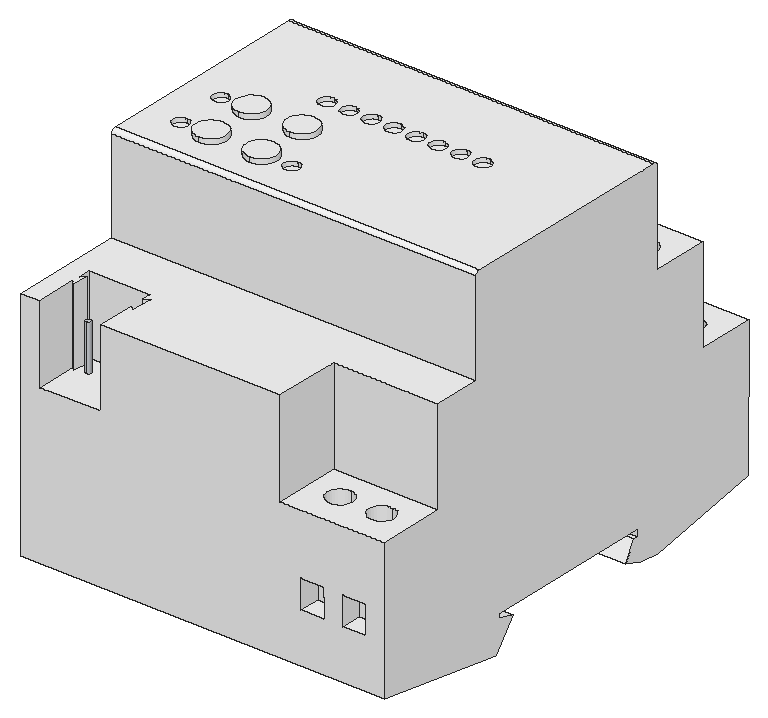
Revit family "Gira_102400", category Electrical Fixtures, host Face, Revit 2017
Family settings
  Host = Face
  Maintain Annotation Orientation = No
  Round Connector Dimension = Use Diameter
  Part Type = Normal
  Cut with Voids When Loaded = No
  Shared = No
  Room Calculation Point = No
Parameters (values of type "Pow.supply AC 24 V 1 A DRA Accessories")
  URL = "https://www.gira.de/"
  Type Comments = ""
  Suitable for C-load = no
  Output voltage [Volt] = ""
  Output current [Ampere] = ""
  Number of outputs = 0
  Number of binary inputs = 0
  Model = ""
  Max. number of switching contacts = 0
  Manufacturer = "Gira"
  Local operation/hand operation = no
  Keynote = ""
  HeinzeBIM = "https://www.heinze.de/bim/pow-supply-ac-24-v-1-a-dra-accessories/fb6a88596a59b92168ed2fe0f08236503b4a0cc7"
  HAN = "102400"
  GTIN = "4010337010715"
  Description = "PS AC 24V 1A DRA Accs. Power supply AC 24 V 1 A,DRA Features: - Power supply for the weather station and the in-built heating of the wind sensor 0 - 10 V, rain sensor 0   10 V, etc."
  Default Elevation = 1219.2 mm
  Cost = 0
  Bus connection included = no
  BIMSITE_PRODUCT_ID = "fb6a88596a59b92168ed2fe0f08236503b4a0cc7"
  BIM = "https://media.live.bim.site/t/eyJhbGciOiJIUzI1NiIsInR5cCI6IkpXVCJ9.eyJjdCI6MSwidGYiOiJwdWJsaWMvZ2lyYS8wOWY1ZGI1L1JFRyA4Zi5yZmEiLCJjaWQiOiJmZWQ5OGU5YS0xYmQ4LTRjNjgtYTczYi03NGE5NGUzMTU4MjMiLCJyaWQiOiI1MGRmYTViMzdjOTk4OTg1ZWIxNGNhZjVmMDc3MmJjOSIsInBpZCI6ImZiNmE4ODU5NmE1OWI5MjE2OGVkMmZlMGYwODIzNjUwM2I0YTBjYzciLCJzaWQiOiI2MzQ3MCIsInV0Ijo1LCJsYyI6ImVuIiwiaWF0IjoxNjA3NDMwODIzLCJpc3MiOiJodHRwczovL2FwaS5saXZlLmJpbS5zaXRlIiwic3ViIjoiOGQzYWE1Y2ItZTA2Ni00NTk4LWJlMTYtNmUxNmVlNzQ5NTZhIn0.eefxnF9gME38quNwwHjihXXWVqFhB7lpbz-cHoeTTDk/REG 8f.rfa"
  Assembly Code = ""
Reference planes
  plane 1 "Center (Front/Back)": y = 0
  plane 2: z = 0
  plane 3 "Center (Left/Right)": x = 0
Forms (mm)
  Extrusion 1, solid, material "White", detail levels fine
    sketch origin (0, 0, 0) x (0, 1, 0) y (0, 0, 1)
      loop
        line (45.125, -2.619) -> (45.125, 24.95) -> (33.875, 24.95) -> (33.875, 43.8) -> (22.575, 43.8) -> (22.575, 62.05)
        arc (22.575, 62.05) -> (22.311, 62.686) -> (21.675, 62.95) r 0.9
        line (21.675, 62.95) -> (-21.175, 62.95)
        arc (-21.175, 62.95) -> (-21.785, 62.758) -> (-22.175, 62.25) r 1.064
        line (-22.175, 62.25) -> (-22.175, 43.8) -> (-44.725, 43.8) -> (-44.725, -2.619)
        arc (-44.725, -2.619) -> (-31.081, -5.433) -> (-17.243, -7.049) r 160
        line (-17.243, -7.049) -> (-13.165, -1.734) -> (-16.399, -0.807) -> (-16.399, 0) -> (17.8, 0) -> (17.8, -1.4) -> (16.8, -1.4) -> (14.749, -4.952)
        arc (14.749, -4.952) -> (18.64, -6.184) -> (22.7, -6.6) r 20
        arc (22.7, -6.6) -> (33.983, -5.009) -> (45.125, -2.619) r 160
    from -36 to 36
  Extrusion 2, void, detail levels fine
    sketch origin (0, 0, 0) x (1, 0, 0) y (0, 1, 0)
      loop
        circle (30, 26.925) r 2.55
      loop
        circle (21.75, 26.925) r 2.55
      loop
        circle (12.75, 26.925) r 2.55
      loop
        circle (4.5, 26.925) r 2.55
      loop
        circle (-4.5, 26.925) r 2.55
      loop
        circle (-12.75, 26.925) r 2.55
      loop
        circle (-21.75, 26.925) r 2.55
      loop
        circle (-30, 26.925) r 2.55
    from 37.936 to 43.8
  Extrusion 3, void, detail levels fine
    sketch origin (0, 11.25, -18.85) x (1, 0, 0) y (0, 1, 0)
      loop
        circle (30, 26.925) r 2.55
      loop
        circle (21.75, 26.925) r 2.55
      loop
        circle (12.75, 26.925) r 2.55
      loop
        circle (4.5, 26.925) r 2.55
      loop
        circle (-4.5, 26.925) r 2.55
      loop
        circle (-12.75, 26.925) r 2.55
      loop
        circle (-21.75, 26.925) r 2.55
      loop
        circle (-30, 26.925) r 2.55
    from 37.936 to 43.8
  Extrusion 4, void, detail levels fine
    sketch origin (0, 0, 0) x (1, 0, 0) y (0, 1, 0)
      loop
        circle (-13, -3.875) r 3
      loop
        circle (-23, -3.875) r 3
      loop
        circle (-23, -13.875) r 3
      loop
        circle (-13, -13.875) r 3
      loop
        circle (-29, -3.875) r 1.575
      loop
        circle (-29, -13.875) r 1.575
      loop
        circle (-7, -13.875) r 1.575
      loop
        circle (-15.4, 5.325) r 1.625
      loop
        circle (-11, 5.325) r 1.575
      loop
        circle (-6.6, 5.325) r 1.625
      loop
        circle (-2.2, 5.325) r 1.625
      loop
        circle (2.2, 5.325) r 1.625
      loop
        circle (6.6, 5.325) r 1.625
      loop
        circle (11, 5.325) r 1.575
      loop
        circle (15.4, 5.325) r 1.625
    from 58.253 to 62.95
  Extrusion 5, void, detail levels fine
    sketch origin (0, 0, 0) x (1, 0, 0) y (0, 1, 0)
      loop
        line (-32.175, -32.6) -> (-32.175, -34.9) -> (-31.24, -34.36) -> (-31.401, -37.165) -> (-32.175, -36.7) -> (-32.175, -44.875) -> (-20.175, -44.875) -> (-20.175, -37.33) -> (-19.075, -37.965) -> (-19.075, -33.635) -> (-20.175, -34.27) -> (-20.175, -32.6) -> (-32.175, -32.6)
    from 28.5 to 43.8
  Extrusion 6, solid, detail levels fine
    sketch origin (0, 0, 0) x (1, 0, 0) y (0, 1, 0)
      loop
        circle (-29.375, -36.2) r 0.5
      loop
        circle (-23.575, -36.2) r 0.5
    from 28.5 to 37.5
  Extrusion 7, void, detail levels fine
    sketch origin (0, 0, 0) x (1, 0, 0) y (0, 1, 0)
      loop
        line (15.289, -31.489) -> (15.289, -44.875) -> (36, -44.875) -> (36, -31.489) -> (15.289, -31.489)
    from 25 to 43.8
  Extrusion 8, void, detail levels fine
    sketch origin (0, 0, 0) x (1, 0, 0) y (0, 1, 0)
      loop
        circle (21.75, -37.925) r 2.55
      loop
        circle (30, -37.925) r 2.55
    from 19.086 to 24.95
  Extrusion 9, void, detail levels fine
    sketch origin (0, 0, 0) x (1, 0, 0) y (0, 0, 1)
      loop
        line (32.368, 26.75) -> (32.35, 28.865) -> (32.319, 32.45) -> (27.731, 32.45) -> (27.682, 26.75) -> (32.368, 26.75)
      loop
        line (24.118, 26.75) -> (24.1, 28.865) -> (24.069, 32.45) -> (19.481, 32.45) -> (19.432, 26.75) -> (24.118, 26.75)
      loop
        line (15.118, 26.75) -> (15.1, 28.865) -> (15.069, 32.45) -> (10.481, 32.45) -> (10.432, 26.75) -> (15.118, 26.75)
      loop
        line (6.868, 26.75) -> (6.85, 28.865) -> (6.819, 32.45) -> (2.231, 32.45) -> (2.182, 26.75) -> (6.868, 26.75)
      loop
        line (-2.182, 26.75) -> (-2.2, 28.865) -> (-2.231, 32.45) -> (-6.819, 32.45) -> (-6.868, 26.75) -> (-2.182, 26.75)
      loop
        line (-10.432, 26.75) -> (-10.45, 28.865) -> (-10.481, 32.45) -> (-15.069, 32.45) -> (-15.118, 26.75) -> (-10.432, 26.75)
      loop
        line (-19.35, 26.75) -> (-19.369, 28.865) -> (-19.4, 32.45) -> (-23.987, 32.45) -> (-24.037, 26.75) -> (-19.35, 26.75)
      loop
        line (-27.682, 26.75) -> (-27.7, 28.865) -> (-27.731, 32.45) -> (-32.319, 32.45) -> (-32.368, 26.75) -> (-27.682, 26.75)
    from -29.206 to -33.875
  Extrusion 10, void, detail levels fine
    sketch origin (0, 11.25, -19.567) x (1, 0, 0) y (0, 0, 1)
      loop
        line (32.368, 26.75) -> (32.35, 28.865) -> (32.319, 32.45) -> (27.731, 32.45) -> (27.682, 26.75) -> (32.368, 26.75)
      loop
        line (24.118, 26.75) -> (24.1, 28.865) -> (24.069, 32.45) -> (19.481, 32.45) -> (19.432, 26.75) -> (24.118, 26.75)
      loop
        line (15.118, 26.75) -> (15.1, 28.865) -> (15.069, 32.45) -> (10.481, 32.45) -> (10.432, 26.75) -> (15.118, 26.75)
      loop
        line (6.868, 26.75) -> (6.85, 28.865) -> (6.819, 32.45) -> (2.231, 32.45) -> (2.182, 26.75) -> (6.868, 26.75)
      loop
        line (-2.182, 26.75) -> (-2.2, 28.865) -> (-2.231, 32.45) -> (-6.819, 32.45) -> (-6.868, 26.75) -> (-2.182, 26.75)
      loop
        line (-10.432, 26.75) -> (-10.45, 28.865) -> (-10.481, 32.45) -> (-15.069, 32.45) -> (-15.118, 26.75) -> (-10.432, 26.75)
      loop
        line (-19.35, 26.75) -> (-19.369, 28.865) -> (-19.4, 32.45) -> (-23.987, 32.45) -> (-24.037, 26.75) -> (-19.35, 26.75)
      loop
        line (-27.682, 26.75) -> (-27.7, 28.865) -> (-27.731, 32.45) -> (-32.319, 32.45) -> (-32.368, 26.75) -> (-27.682, 26.75)
    from -29.206 to -33.875
  Extrusion 11, void, detail levels fine
    sketch origin (0, 0, 0) x (1, 0, 0) y (0, 0, 1)
      loop
        line (32.319, 12.883) -> (27.731, 12.883) -> (27.682, 7.183) -> (32.368, 7.183) -> (32.35, 9.298) -> (32.319, 12.883)
      loop
        line (24.069, 12.883) -> (19.481, 12.883) -> (19.432, 7.183) -> (24.118, 7.183) -> (24.1, 9.298) -> (24.069, 12.883)
    from 40.588 to 44.725
  Extrusion 12, solid, material "White", detail levels fine
    sketch origin (0, 0, 0) x (1, 0, 0) y (0, 1, 0)
      loop
        circle (-15.4, 5.325) r 1.625
      loop
        circle (-11, 5.325) r 1.575
      loop
        circle (-6.6, 5.325) r 1.625
      loop
        circle (-2.2, 5.325) r 1.625
      loop
        circle (2.2, 5.325) r 1.625
      loop
        circle (6.6, 5.325) r 1.625
      loop
        circle (11, 5.325) r 1.575
      loop
        circle (15.4, 5.325) r 1.625
      loop
        circle (-29, -3.875) r 1.575
      loop
        circle (-29, -13.875) r 1.575
      loop
        circle (-7, -13.875) r 1.575
    from 58.253 to 62.25
  Extrusion 13, solid, material "White", detail levels fine
    sketch origin (0, 0, 0) x (1, 0, 0) y (0, 1, 0)
      loop
        circle (-23, -3.875) r 3
      loop
        circle (-13, -3.875) r 3
      loop
        circle (-23, -13.875) r 3
      loop
        circle (-13, -13.875) r 3
    from 58.253 to 63.841
  Extrusion 14, solid, material "White", detail levels medium
    sketch origin (0, 0, 0) x (0, 1, 0) y (0, 0, 1)
      loop
        line (45.125, -7.049) -> (45.125, 24.95) -> (33.875, 24.95) -> (33.875, 43.8) -> (22.575, 43.8) -> (22.575, 63.841) -> (-22.175, 63.841) -> (-22.175, 43.8) -> (-44.725, 43.8) -> (-44.725, -7.049) -> (45.125, -7.049)
    from -36 to 36
  Extrusion 15, solid, material "White", detail levels coarse
    sketch origin (0, 0, 0) x (0, 1, 0) y (0, 0, 1)
      loop
        line (45.125, -7.049) -> (45.125, 63.841) -> (-44.725, 63.841) -> (-44.725, -7.049) -> (45.125, -7.049)
    from -36 to 36
Cuts and joins
  Extrusion 2, Extrusion 3, Extrusion 4, Extrusion 5, Extrusion 7, Extrusion 8, Extrusion 9, Extrusion 10, Extrusion 11 cuts Extrusion 1
Dimensions and locks
  aligned and locked: plane 2 to host face
  aligned and locked: level to host face
